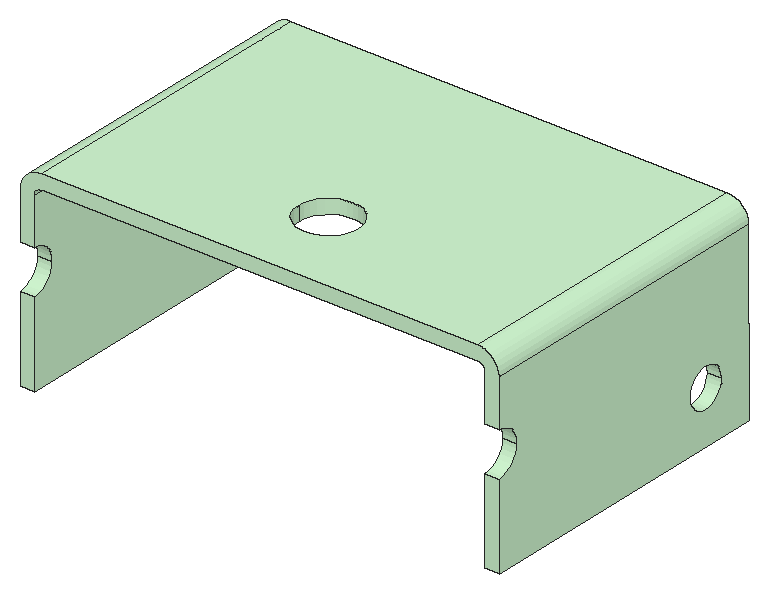
Revit family "RP-Wカバー", category 機械設備, Revit 2020
Family settings
  丸型コネクタ寸法 = 直径を使用
  種別 = なし
  パーツ タイプ = 標準
  作業面ベース = いいえ
  常に垂直 = いいえ
  ロード時にボイドで切り取り = いいえ
  共有 = いいえ
  部屋計算ポイント = いいえ
Parameters
  製造元 = "株式会社桐井製作所"
  既定の高さ = 0 mm
  URL = "https://www.kirii.co.jp/"
  K_許容荷重(水平)野縁方向(N) = 1000
  K_許容荷重(水平)野縁受け方向(N) = 800
  K_許容荷重(引張)(N) = 900
  K_板厚(mm) = 1.6 mm
  K_品名 = "RP-Wカバー"
  K_名称 = "クリップ補強"
  K_入数 = "150"
  K_備考 = "許容荷重は、RP-Wクリップと組み合わせた状態の数値です。"
  K_バージョン情報 = "20211216"
Reference planes
  plane 1 "中心(正面/背面)": y = 0
  plane 2: z = 0
  plane 3 "中心(左/右)": x = 0
Forms (mm)
  Extrusion 1, solid
    sketch origin (1.146, 25.333, -5.462) x (1, 0, 0) y (0, 0, 1)
      loop
        arc (-26.496, 4.662) -> (-26.262, 5.228) -> (-25.696, 5.462) r 0.8
        line (-25.696, 5.462) -> (23.404, 5.462)
        arc (23.404, 5.462) -> (23.969, 5.228) -> (24.204, 4.662) r 0.8
        line (24.204, 4.662) -> (24.204, -15.138) -> (25.804, -15.138) -> (25.804, 4.662)
        arc (25.804, 4.662) -> (25.103, 6.357) -> (23.41, 7.062) r 2.4
        line (23.41, 7.062) -> (-25.69, 7.062)
        arc (-25.69, 7.062) -> (-27.391, 6.361) -> (-28.096, 4.662) r 2.4
        line (-28.096, 4.662) -> (-28.096, -15.138) -> (-26.496, -15.138) -> (-26.496, 4.662)
    from 0 to 35
  Extrusion 2, void
    sketch origin (0, 0, -10.4) x (1, 0, 0) y (0, 1, 0)
      loop
        circle (0, 0) r 3.4
    from 10.4 to 12
  Extrusion 3, void
    sketch origin (0, 7.714, -10.4) x (0, -1, 0) y (0, 0, -1)
      loop
        line (17.381, -4.3) -> (17.381, 0.7)
        arc (17.381, 0.7) -> (15.613, -0.032) -> (14.881, -1.8) r 2.5
        arc (14.881, -1.8) -> (15.613, -3.568) -> (17.381, -4.3) r 2.5
    from -26.95 to -25.35
  Extrusion 4, void
    sketch origin (0, 7.714, -10.4) x (0, -1, 0) y (0, 0, -1)
      loop
        circle (-11.619, 4.2) r 2.25
    from -26.95 to -25.35
  Extrusion 5, void
    sketch origin (52.3, 7.714, -10.4) x (0, -1, 0) y (0, 0, -1)
      loop
        line (17.381, -4.3) -> (17.381, 0.7)
        arc (17.381, 0.7) -> (15.613, -0.032) -> (14.881, -1.8) r 2.5
        arc (14.881, -1.8) -> (15.613, -3.568) -> (17.381, -4.3) r 2.5
    from -26.95 to -25.35
  Extrusion 6, void
    sketch origin (52.3, 7.714, -10.4) x (0, -1, 0) y (0, 0, -1)
      loop
        circle (-11.619, 4.2) r 2.25
    from -26.95 to -25.35
Cuts and joins
  Extrusion 2, Extrusion 3, Extrusion 4, Extrusion 5, Extrusion 6 cuts Extrusion 1
Dimensions and locks
  aligned and locked: level to plane 2
